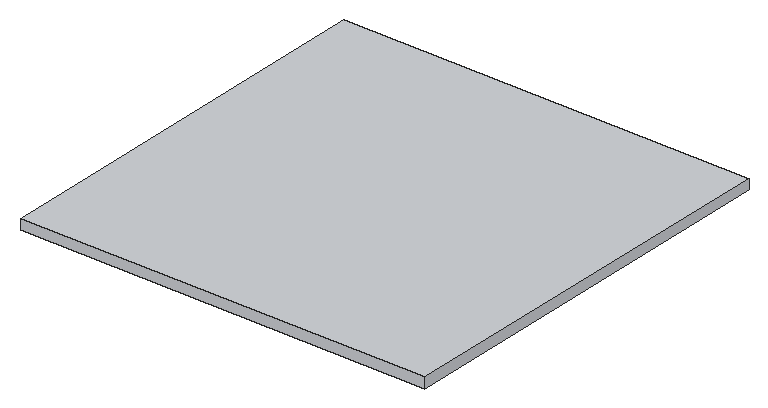
Revit family "4965000", category Aparatos sanitarios, Revit 2017
Family settings
  Anfitrión = Cara
  Cota de conector redondo = Diámetro de uso
  Tipo de pieza = Normal
  Número OmniClass = 23.45.55.14
  Título OmniClass = Single Faucets
  Corte con vacíos al cargar = No
  Compartido = No
  Punto de cálculo de habitación = No
Parameters (values of type "4965000")
  URL = "http://www.griferiasgalindo.com"
  Teléfono = "(+34) 915 782 575"
  TIPO DE AGUA = "Fria/Caliente"
  REFERENCIA = "4965000"
  Presión Máxima = "8 bar"
  PESO BRUTO = ""
  Modelo = "GRIFO DE LAVABO sin desagüe"
  Material = LATON CROMADO
  Imagen de tipo = <Ninguno>
  Fabricante = "PRESTO IBÉRICA"
  Default Elevation = 1219.2 mm
  ENTRADA = "Latiguillos de 3/8\""
  Descripción = "Monomando lavabo"
  Código de montaje = "C1030220"
  Contacto = "info@prestoiberica.com"
  Conexión AF = yes
  Conexión AC = yes
  Comentarios de tipo = "Cartucho sellado mezclador con discos cerámicos de Ø 25 mm.  Suministrado con latiguillos flexibles de 3/8\" y longitud de 45 mm."
  CIERRE = "Manual"
  CAUDAL = ""
  Accionamiento = "Mediante maneta"
Reference planes
  plane 1 "Centro (Frontal/Posterior)": y = 0
  plane 2: z = 0
  plane 3 "Centro (Izquierda/Derecha)": x = 0
Forms (mm)
  Extrusion 1, solid
    sketch origin (0, 0, 0) x (1, 0, 0) y (0, 1, 0)
      loop
        line (-100, 100) -> (-100, -100) -> (100, -100) -> (100, 100) -> (-100, 100)
    from 0 to -5
Dimensions and locks
  Extrusion 1 sketch curve to plane 1 "Centro (Frontal/Posterior)" = 100 mm
  aligned and locked: plane 2 to Extrusion 1
  aligned and locked: level to Extrusion 1
Connectors
  piping at (0, 2.5, 0), diameter 12.7
    settings: on import instance, index 2, connector inside diameter 609.6 mm, connector length 0 mm, flow factor 0, pipe flow 0.0 L/s, pressure drop 0.0 Pa, fitting loss kfactor 0, connector angle 0.00°, fixture units 0, engagement length 0 mm, angle of deflection 0.00°, flow configuration 0, flow direction 1, fitting loss method 0, system type 7, joint type 0, gender type 0, connector reference index -1, connector utility 0, adjustable connector no, is connector primary yes, connector description ""
